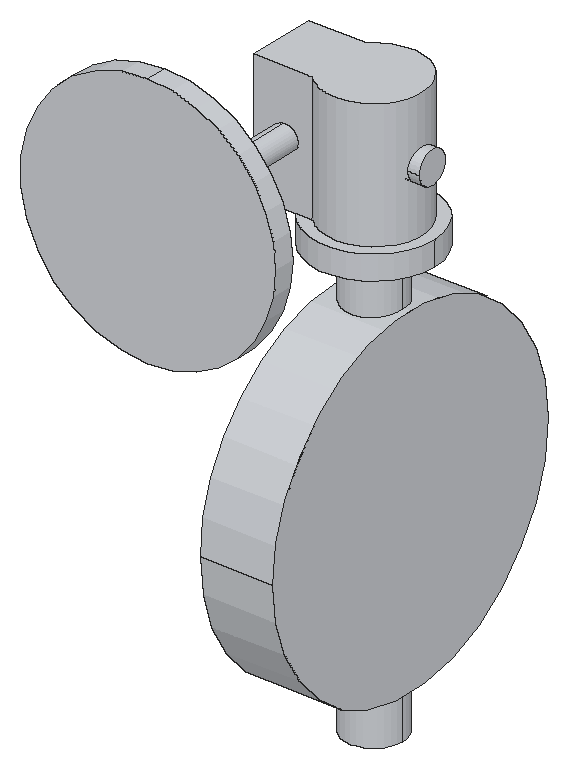
Revit family "HS497-68_disk-nerez_převodové kolo DN450-RFA_2018", category Pipe Accessories, Revit 2018
Family settings
  Round Connector Dimension = Use Diameter
  Part Type = Valve - Breaks Into
  Work Plane-Based = No
  Always vertical = Yes
  Cut with Voids When Loaded = No
  Shared = No
Parameters (values of type "HS 497-68_DN450_PN10_převodové kolo")
  magiProductId = "cdf2d80f54a9414f9cbe50647c0ebd"
  magiProductFamilyId = "53cea81e6f374d17b8841d9c72ad77"
  magiPartTypeId = 305
  isMeasuringValve [instance] = no
  ang2D [instance] = 0.00°
  X11 = 129.74 mm
  X1 = 53.74 mm
  W2D = 1000 mm
  VersionID = "2.0/2017.9.26.1/ZETKAMA_497_001"
  Use Minimum Symbol Size [instance] = yes
  URL = "http://www.hydronic.cz"
  Type Comments = "mezipřírubová; nerezový disk; PN10; -10~+110°C (krátkodobě +120°C)"
  SW30 = yes
  SW3 = yes
  SW21 = no
  SW20 = no
  SW2 = no
  SW1 = no
  R = 225 mm
  QmdConnectorList = "301;D;302;D"
  Productdata [instance] = ""
  NC = 91.5 mm
  Manufacturer = "Zetkama"
  MM20 = 53.74 mm
  MC Product Code = "126 450 (nerezový disk, s převodovým kolem; DN450; PN10, kvs18514)"
  M41 = 144.75 mm
  M4 = 96.5 mm
  LHL = 220 mm
  LHH3 = 2.45 mm
  LHH1 = 46.55 mm
  LH1 = 73.333 mm
  L4R__ve = -L4R  # -32.1 mm
  L4R = 32.1 mm
  L42__ve = -L42  # -240.75 mm
  L42 = 240.75 mm
  L41__ve = -L41  # -48.15 mm
  L41 = 48.15 mm
  L2D_Min = 3048 mm
  L2D = 216 mm
  L2 = 57 mm
  L1 = 91.2 mm
  L = 114 mm
  H = 38 mm
  G22 = 11.25 mm
  G2 = 22.5 mm
  G1 = 90 mm
  G = 190 mm
  F = 36 mm
  E44 = 100 mm
  E42 = 200 mm
  E4 = 400 mm
  E23 = 4.9 mm
  E22 = 19.6 mm
  E21 = 9.8 mm
  Description = "Mezipřírubová uzavírací klapka s převodovým kolem; nerezový disk, DN450; PN10; kvs18514"
  DR2 = 225 mm
  DR = 536 mm
  DD1 = 50 mm
  DD = 40 mm
  D = 450 mm
  CAT0 = yes
  B2__ve = -B2  # -115 mm
  B2 = 115 mm
  A2 = 38.05 mm
  A1 = 117.45 mm
Types (43, lengths in mm): name | magiProductId | X11 | X1 | Type Comments | SW30 | SW3 | SW20 | SW2 | SW1 | R | NC | Manufacturer | MM20 | MC Product Code | M41 | M4 | LHL | LHH3 | LHH1 | LH1 | L4R__ve | L4R | L42__ve | L42 | L41__ve | L41 | L2 | L1 | L | H | G | F | E44 | E42 | E4 | E23 | E22 | E21 | Description | DR2 | DR | DD1 | DD | D | B2__ve | B2 | A2 | A1
  HS 497-68_DN100_PN16_volné vřeteno | "65d1b245f4f142c78569c0602d5754" | 61.456 | 25.456 | "mezipřírubová; nerezový disk; PN16; -10~+110°C (krátkodobě +120°C)" | no | no | no | no | yes | 50 | 50 | "Hydronic Systems Prague s.r.o." | 25.456 | "124 100 (nerezový disk, s volným vřetenem; DN100; PN16, kvs512)" | 66 | 44 | 220 | 2.45 | 46.55 | 73.333 | -12.8 | 12.8 | -96 | 96 | -19.2 | 19.2 | 26 | 41.6 | 52 | 30 | 90 | 11 | 31.25 | 62.5 | 125 | 4.9 | 19.6 | 9.8 | "Mezipřírubová uzavírací klapka s volným vřetenem; nerezový disk, DN100; PN16; kvs512" | 50 | 147 | 15.625 | 12.5 | 100 | -56 | 56 | 16.5 | 98.5
  HS 497-68_DN100_PN16_převodové kolo | "11e91b807e674d428c8e796fcdcfe2" | 61.456 | 25.456 | "mezipřírubová; nerezový disk; PN16; -10~+110°C (krátkodobě +120°C)" | yes | yes | no | no | no | 50 | 50 | "Hydronic Systems Prague s.r.o." | 25.456 | "126 100 (nerezový disk, s převodovým kolem; DN100; PN16, kvs512)" | 65.25 | 43.5 | 220 | 2.45 | 46.55 | 73.333 | -12.8 | 12.8 | -96 | 96 | -19.2 | 19.2 | 26 | 41.6 | 52 | 30 | 90 | 11 | 31.25 | 62.5 | 125 | 4.9 | 19.6 | 9.8 | "Mezipřírubová uzavírací klapka s převodovým kolem; nerezový disk, DN100; PN16; kvs512" | 50 | 147 | 15.625 | 12.5 | 100 | -56 | 56 | 16.5 | 98.5
  HS 497-68_DN100_PN16_s pákou | "28172f0b3f4b47b28323ac71cf8749" | 61.456 | 25.456 | "mezipřírubová; nerezový disk; PN16; -10~+110°C (krátkodobě +120°C)" | no | no | yes | yes | no | 50 | 50 | "Hydronic Systems Prague s.r.o." | 25.456 | "121 100 (nerezový disk, s pákou; DN100; PN16, kvs512)" | 66 | 44 | 260 | 3 | 57 | 86.667 | -12.8 | 12.8 | -96 | 96 | -19.2 | 19.2 | 26 | 41.6 | 52 | 30 | 90 | 11 | 31.25 | 62.5 | 125 | 6 | 24 | 12 | "Mezipřírubová uzavírací klapka s pákou; nerezový disk, DN100; PN16; kvs512" | 50 | 147 | 15.625 | 12.5 | 100 | -56 | 56 | 16.5 | 98.5
  HS 497-68_DN125_PN16_volné vřeteno | "0d813d910fc14f628bb3c2efbd185c" | 61.456 | 25.456 | "mezipřírubová; nerezový disk; PN16; -10~+110°C (krátkodobě +120°C)" | no | no | no | no | yes | 62.5 | 50 | "Hydronic Systems Prague s.r.o." | 25.456 | "124 125 (nerezový disk, s volným vřetenem; DN125; PN16, kvs872)" | 66 | 44 | 220 | 2.45 | 46.55 | 73.333 | -12.8 | 12.8 | -96 | 96 | -19.2 | 19.2 | 28 | 44.8 | 56 | 33 | 90 | 14 | 31.25 | 62.5 | 125 | 4.9 | 19.6 | 9.8 | "Mezipřírubová uzavírací klapka s volným vřetenem; nerezový disk, DN125; PN16; kvs872" | 62.5 | 180 | 15.625 | 12.5 | 125 | -64 | 64 | 18 | 99.5
  HS 497-68_DN125_PN16_převodové kolo | "c56b7c13f372467684996fb1e0e229" | 61.456 | 25.456 | "mezipřírubová; nerezový disk; PN16; -10~+110°C (krátkodobě +120°C)" | yes | yes | no | no | no | 62.5 | 50 | "Hydronic Systems Prague s.r.o." | 25.456 | "126125 (nerezový disk, s převodovým kolem; DN125; PN16, kvs872)" | 65.25 | 43.5 | 220 | 2.45 | 46.55 | 73.333 | -13.5 | 13.5 | -101.25 | 101.25 | -20.25 | 20.25 | 28 | 44.8 | 56 | 33 | 90 | 14 | 40 | 80 | 160 | 4.9 | 19.6 | 9.8 | "Mezipřírubová uzavírací klapka s převodovým kolem; nerezový disk, DN125; PN16; kvs872" | 62.5 | 180 | 20 | 16 | 125 | -64 | 64 | 18 | 99.5
  HS 497-68_DN125_PN16_s pákou | "105993c79a91492399feef7931321a" | 61.456 | 25.456 | "mezipřírubová; nerezový disk; PN16; -10~+110°C (krátkodobě +120°C)" | no | no | yes | yes | no | 62.5 | 50 | "Hydronic Systems Prague s.r.o." | 25.456 | "121 125 (nerezový disk, s pákou; DN125; PN16, kvs872)" | 66 | 44 | 315 | 3.75 | 71.25 | 105 | -12.8 | 12.8 | -96 | 96 | -19.2 | 19.2 | 28 | 44.8 | 56 | 33 | 90 | 14 | 31.25 | 62.5 | 125 | 7.5 | 30 | 15 | "Mezipřírubová uzavírací klapka s pákou; nerezový disk, DN125; PN16; kvs872" | 62.5 | 180 | 15.625 | 12.5 | 125 | -64 | 64 | 18 | 99.5
  HS 497-68_DN150_PN16_volné vřeteno | "50c80cb8ab434f55ab7796e5ac1331" | 61.456 | 25.456 | "mezipřírubová; nerezový disk; PN16; -10~+110°C (krátkodobě +120°C)" | no | no | no | no | yes | 75 | 50 | "Hydronic Systems Prague s.r.o." | 25.456 | "124 150 (nerezový disk, s volným vřetenem; DN150; PN16, kvs1347)" | 66 | 44 | 220 | 2.45 | 46.55 | 73.333 | -12.8 | 12.8 | -96 | 96 | -19.2 | 19.2 | 28 | 44.8 | 56 | 33 | 90 | 14 | 31.25 | 62.5 | 125 | 4.9 | 19.6 | 9.8 | "Mezipřírubová uzavírací klapka s volným vřetenem; nerezový disk, DN150; PN16; kvs1347" | 75 | 206 | 15.625 | 12.5 | 150 | -58 | 58 | 19.3 | 98.7
  HS 497-68_DN150_PN16_převodové kolo | "d94a1a0cf83b476eb10011b327f709" | 61.456 | 25.456 | "mezipřírubová; nerezový disk; PN16; -10~+110°C (krátkodobě +120°C)" | yes | yes | no | no | no | 75 | 50 | "Hydronic Systems Prague s.r.o." | 25.456 | "126 150 (nerezový disk, s převodovým kolem; DN150; PN16, kvs1347)" | 65.25 | 43.5 | 220 | 2.45 | 46.55 | 73.333 | -13.5 | 13.5 | -101.25 | 101.25 | -20.25 | 20.25 | 28 | 44.8 | 56 | 33 | 90 | 14 | 40 | 80 | 160 | 4.9 | 19.6 | 9.8 | "Mezipřírubová uzavírací klapka s převodovým kolem; nerezový disk, DN150; PN16; kvs1347" | 75 | 206 | 20 | 16 | 150 | -58 | 58 | 19.3 | 98.7
  HS 497-68_DN150_PN16_s pákou | "4d2835523fe84828bc50ff0a5a0dfb" | 61.456 | 25.456 | "mezipřírubová; nerezový disk; PN16; -10~+110°C (krátkodobě +120°C)" | no | no | yes | yes | no | 75 | 50 | "Hydronic Systems Prague s.r.o." | 25.456 | "121 150 (nerezový disk, s pákou; DN150; PN16, kvs1347)" | 66 | 44 | 315 | 3.75 | 71.25 | 105 | -12.8 | 12.8 | -96 | 96 | -19.2 | 19.2 | 28 | 44.8 | 56 | 33 | 90 | 14 | 31.25 | 62.5 | 125 | 7.5 | 30 | 15 | "Mezipřírubová uzavírací klapka s pákou; nerezový disk, DN150; PN16; kvs1347" | 75 | 206 | 15.625 | 12.5 | 150 | -58 | 58 | 19.3 | 98.7
  HS 497-68_DN200_PN16_volné vřeteno | "5b29029eaeba47139ee1055a4b9201" | 61.456 | 25.456 | "mezipřírubová; nerezový disk; PN16; -10~+110°C (krátkodobě +120°C)" | no | no | no | no | yes | 100 | 50 | "Hydronic Systems Prague s.r.o." | 25.456 | "124 200 (nerezový disk, s volným vřetenem; DN200; PN16, kvs2675)" | 66 | 44 | 220 | 2.45 | 46.55 | 73.333 | -12.8 | 12.8 | -96 | 96 | -19.2 | 19.2 | 30 | 48 | 60 | 33 | 90 | 17 | 31.25 | 62.5 | 125 | 4.9 | 19.6 | 9.8 | "Mezipřírubová uzavírací klapka s volným vřetenem; nerezový disk, DN200; PN16; kvs2675" | 100 | 257 | 15.625 | 12.5 | 200 | -70 | 70 | 22.5 | 102.5
  HS 497-68_DN200_PN16_převodové kolo | "b2793cc1fcc44cf2a35062cd67c04f" | 61.456 | 25.456 | "mezipřírubová; nerezový disk; PN16; -10~+110°C (krátkodobě +120°C)" | yes | yes | no | no | no | 100 | 57 | "Hydronic Systems Prague s.r.o." | 25.456 | "126 200 (nerezový disk, s převodovým kolem; DN200; PN16, kvs2675)" | 78.75 | 52.5 | 220 | 2.45 | 46.55 | 73.333 | -15.2 | 15.2 | -114 | 114 | -22.8 | 22.8 | 30 | 48 | 60 | 33 | 90 | 17 | 50 | 100 | 200 | 4.9 | 19.6 | 9.8 | "Mezipřírubová uzavírací klapka s převodovým kolem; nerezový disk, DN200; PN16; kvs2675" | 100 | 257 | 25 | 20 | 200 | -70 | 70 | 22.5 | 102.5
  HS 497-68_DN200_PN16_s pákou | "f88d96c7af224537a51e72d7d8fffe" | 61.456 | 25.456 | "mezipřírubová; nerezový disk; PN16; -10~+110°C (krátkodobě +120°C)" | no | no | yes | yes | no | 100 | 50 | "Hydronic Systems Prague s.r.o." | 25.456 | "121 200 (nerezový disk, s pákou; DN200; PN16, kvs2675)" | 66 | 44 | 315 | 3.75 | 71.25 | 105 | -12.8 | 12.8 | -96 | 96 | -19.2 | 19.2 | 30 | 48 | 60 | 33 | 90 | 17 | 31.25 | 62.5 | 125 | 7.5 | 30 | 15 | "Mezipřírubová uzavírací klapka s pákou; nerezový disk, DN200; PN16; kvs2675" | 100 | 257 | 15.625 | 12.5 | 200 | -70 | 70 | 22.5 | 102.5
  HS 497-68_DN250_PN16_volné vřeteno | "b662e8305ca2402b9c510e66e6aa55" | 88.77 | 36.77 | "mezipřírubová; nerezový disk; PN16; -10~+110°C (krátkodobě +120°C)" | no | no | no | no | yes | 125 | 50 | "Hydronic Systems Prague s.r.o." | 36.77 | "124 250 (nerezový disk, s volným vřetenem; DN250; PN16, kvs4555)" | 66 | 44 | 220 | 2.45 | 46.55 | 73.333 | -12.8 | 12.8 | -96 | 96 | -19.2 | 19.2 | 34 | 54.4 | 68 | 23 | 130 | 22 | 31.25 | 62.5 | 125 | 4.9 | 19.6 | 9.8 | "Mezipřírubová uzavírací klapka s volným vřetenem; nerezový disk, DN250; PN16; kvs4555" | 125 | 324 | 15.625 | 12.5 | 250 | -85 | 85 | 28.25 | 129.25
  HS 497-68_DN250_PN16_převodové kolo | "5ee9016806664ddfaa2632711f295c" | 88.77 | 36.77 | "mezipřírubová; nerezový disk; PN16; -10~+110°C (krátkodobě +120°C)" | yes | yes | no | no | no | 125 | 70 | "Hydronic Systems Prague s.r.o." | 36.77 | "126 250 (nerezový disk, s převodovým kolem; DN250; PN16, kvs4555)" | 91.5 | 61 | 220 | 2.45 | 46.55 | 73.333 | -22.2 | 22.2 | -166.5 | 166.5 | -33.3 | 33.3 | 34 | 54.4 | 68 | 23 | 130 | 22 | 62.5 | 125 | 250 | 4.9 | 19.6 | 9.8 | "Mezipřírubová uzavírací klapka s převodovým kolem; nerezový disk, DN250; PN16; kvs4555" | 125 | 324 | 31.25 | 25 | 250 | -85 | 85 | 28.25 | 129.25
  HS 497-68_DN300_PN16_volné vřeteno | "e1886f51ff004380a649519258edf2" | 88.77 | 36.77 | "mezipřírubová; nerezový disk; PN16; -10~+110°C (krátkodobě +120°C)" | no | no | no | no | yes | 150 | 50 | "Hydronic Systems Prague s.r.o." | 36.77 | "124 300 (nerezový disk, s volným vřetenem; DN300; PN16, kvs7037)" | 66 | 44 | 220 | 2.45 | 46.55 | 73.333 | -12.8 | 12.8 | -96 | 96 | -19.2 | 19.2 | 39 | 62.4 | 78 | 23 | 130 | 22 | 31.25 | 62.5 | 125 | 4.9 | 19.6 | 9.8 | "Mezipřírubová uzavírací klapka s volným vřetenem; nerezový disk, DN300; PN16; kvs7037" | 150 | 376 | 15.625 | 12.5 | 300 | -90 | 90 | 30.8 | 127.2
  HS 497-68_DN300_PN16_převodové kolo | "6860f094f77d42088fbebc3c97f755" | 88.77 | 36.77 | "mezipřírubová; nerezový disk; PN16; -10~+110°C (krátkodobě +120°C)" | yes | yes | no | no | no | 150 | 70 | "Hydronic Systems Prague s.r.o." | 36.77 | "126 300 (nerezový disk, s převodovým kolem; DN300; PN16, kvs7037)" | 91.5 | 61 | 220 | 2.45 | 46.55 | 73.333 | -22.2 | 22.2 | -166.5 | 166.5 | -33.3 | 33.3 | 39 | 62.4 | 78 | 23 | 130 | 22 | 62.5 | 125 | 250 | 4.9 | 19.6 | 9.8 | "Mezipřírubová uzavírací klapka s převodovým kolem; nerezový disk, DN300; PN16; kvs7037" | 150 | 376 | 31.25 | 25 | 300 | -90 | 90 | 30.8 | 127.2
  HS 497-68_DN032_PN16_volné vřeteno | "8c5f65de52aa4067a77564107e31b2" | 61.456 | 25.456 | "mezipřírubová; nerezový disk; PN16; -10~+110°C (krátkodobě +120°C)" | no | no | no | no | yes | 16 | 50 | "Hydronic Systems Prague s.r.o." | 25.456 | "124 032 (nerezový disk, s volným vřetenem; DN32; PN16, kvs78)" | 66 | 44 | 220 | 2.45 | 46.55 | 73.333 | -12.8 | 12.8 | -96 | 96 | -19.2 | 19.2 | 16.5 | 26.4 | 33 | 30 | 90 | 11 | 31.25 | 62.5 | 125 | 4.9 | 19.6 | 9.8 | "Mezipřírubová uzavírací klapka s volným vřetenem; nerezový disk, DN32; PN16; kvs78" | 16 | 68 | 15.625 | 12.5 | 32 | -44.2 | 44.2 | 10.25 | 76.25
  HS 497-68_DN032_PN16_převodové kolo | "60aaeffa8b3a4e809ef000e4660060" | 61.456 | 25.456 | "mezipřírubová; nerezový disk; PN16; -10~+110°C (krátkodobě +120°C)" | yes | yes | no | no | no | 16 | 50 | "Hydronic Systems Prague s.r.o." | 25.456 | "126 032 (nerezový disk, s převodovým kolem; DN32; PN16, kvs78)" | 65.25 | 43.5 | 220 | 2.45 | 46.55 | 73.333 | -12.8 | 12.8 | -96 | 96 | -19.2 | 19.2 | 16.5 | 26.4 | 33 | 30 | 90 | 11 | 31.25 | 62.5 | 125 | 4.9 | 19.6 | 9.8 | "Mezipřírubová uzavírací klapka s převodovým kolem; nerezový disk, DN32; PN16; kvs78" | 16 | 68 | 15.625 | 12.5 | 32 | -44.2 | 44.2 | 10.25 | 76.25
  HS 497-68_DN032_PN16_s pákou | "9ad8088d610749a1b871aa2aad8007" | 61.456 | 25.456 | "mezipřírubová; nerezový disk; PN16; -10~+110°C (krátkodobě +120°C)" | no | no | yes | yes | no | 16 | 50 | "Hydronic Systems Prague s.r.o." | 25.456 | "121 032 (nerezový disk, s pákou; DN32; PN16, kvs78)" | 66 | 44 | 220 | 2.45 | 46.55 | 73.333 | -12.8 | 12.8 | -96 | 96 | -19.2 | 19.2 | 16.5 | 26.4 | 33 | 30 | 90 | 11 | 31.25 | 62.5 | 125 | 4.9 | 19.6 | 9.8 | "Mezipřírubová uzavírací klapka s pákou; nerezový disk, DN32; PN16; kvs78" | 16 | 68 | 15.625 | 12.5 | 32 | -44.2 | 44.2 | 10.25 | 76.25
  HS 497-68_DN350_PN10_volné vřeteno | "72a1e05f22944421b7e9596a877137" | 109.255 | 45.255 | "mezipřírubová; nerezový disk; PN10; -10~+110°C (krátkodobě +120°C)" | no | no | no | no | yes | 175 | 50 | "Hydronic Systems Prague s.r.o." | 45.255 | "124 350 (nerezový disk, s volným vřetenem; DN350; PN10, kvs10165)" | 66 | 44 | 220 | 2.45 | 46.55 | 73.333 | -12.8 | 12.8 | -96 | 96 | -19.2 | 19.2 | 39 | 62.4 | 78 | 31 | 160 | 22 | 31.25 | 62.5 | 125 | 4.9 | 19.6 | 9.8 | "Mezipřírubová uzavírací klapka s volným vřetenem; nerezový disk, DN350; PN10; kvs10165" | 175 | 430 | 15.625 | 12.5 | 350 | -88 | 88 | 33.85 | 129.65
  HS 497-68_DN350_PN10_převodové kolo | "a5a01426cb28494ba3afca92f1dace" | 109.255 | 45.255 | "mezipřírubová; nerezový disk; PN10; -10~+110°C (krátkodobě +120°C)" | yes | yes | no | no | no | 175 | 70 | "Hydronic Systems Prague s.r.o." | 45.255 | "126 350 (nerezový disk, s převodovým kolem; DN350; PN10, kvs10165)" | 91.5 | 61 | 220 | 2.45 | 46.55 | 73.333 | -22.2 | 22.2 | -166.5 | 166.5 | -33.3 | 33.3 | 39 | 62.4 | 78 | 31 | 160 | 22 | 62.5 | 125 | 250 | 4.9 | 19.6 | 9.8 | "Mezipřírubová uzavírací klapka s převodovým kolem; nerezový disk, DN350; PN10; kvs10165" | 175 | 430 | 31.25 | 25 | 350 | -88 | 88 | 33.85 | 129.65
  HS 497-68_DN400_PN10_volné vřeteno | "c70ebeb927c04ab99b176e257ad0a7" | 109.255 | 45.255 | "mezipřírubová; nerezový disk; PN10; -10~+110°C (krátkodobě +120°C)" | no | no | no | no | yes | 200 | 50 | "Hydronic Systems Prague s.r.o." | 45.255 | "124 400 (nerezový disk, s volným vřetenem; DN400; PN10, kvs13799)" | 66 | 44 | 220 | 2.45 | 46.55 | 73.333 | -12.8 | 12.8 | -96 | 96 | -19.2 | 19.2 | 51 | 81.6 | 102 | 31 | 160 | 27 | 31.25 | 62.5 | 125 | 4.9 | 19.6 | 9.8 | "Mezipřírubová uzavírací klapka s volným vřetenem; nerezový disk, DN400; PN10; kvs13799" | 200 | 485 | 15.625 | 12.5 | 400 | -108 | 108 | 38 | 142
  HS 497-68_DN400_PN10_převodové kolo | "cc64a4384dcb41b780d81810f4f293" | 109.255 | 45.255 | "mezipřírubová; nerezový disk; PN10; -10~+110°C (krátkodobě +120°C)" | yes | yes | no | no | no | 200 | 72.5 | "Hydronic Systems Prague s.r.o." | 45.255 | "126 400 (nerezový disk, s převodovým kolem; DN400; PN10, kvs13799)" | 103.5 | 69 | 220 | 2.45 | 46.55 | 73.333 | -27.8 | 27.8 | -208.5 | 208.5 | -41.7 | 41.7 | 51 | 81.6 | 102 | 31 | 160 | 27 | 75 | 150 | 300 | 4.9 | 19.6 | 9.8 | "Mezipřírubová uzavírací klapka s převodovým kolem; nerezový disk, DN400; PN10; kvs13799" | 200 | 485 | 37.5 | 30 | 400 | -108 | 108 | 38 | 142
  HS 497-68_DN040_PN16_volné vřeteno | "35f92312390745e88df5b5c325d9ee" | 61.456 | 25.456 | "mezipřírubová; nerezový disk; PN16; -10~+110°C (krátkodobě +120°C)" | no | no | no | no | yes | 20 | 50 | "Hydronic Systems Prague s.r.o." | 25.456 | "124 040 (nerezový disk, s volným vřetenem; DN40; PN16, kvs78)" | 66 | 44 | 220 | 2.45 | 46.55 | 73.333 | -12.8 | 12.8 | -96 | 96 | -19.2 | 19.2 | 16.5 | 26.4 | 33 | 30 | 90 | 11 | 31.25 | 62.5 | 125 | 4.9 | 19.6 | 9.8 | "Mezipřírubová uzavírací klapka s volným vřetenem; nerezový disk, DN40; PN16; kvs78" | 20 | 76 | 15.625 | 12.5 | 40 | -36 | 36 | 11 | 79
  HS 497-68_DN040_PN16_převodové kolo | "d88e968eae3445bc9b7b4e6ff35127" | 61.456 | 25.456 | "mezipřírubová; nerezový disk; PN16; -10~+110°C (krátkodobě +120°C)" | yes | yes | no | no | no | 20 | 50 | "Hydronic Systems Prague s.r.o." | 25.456 | "126 040 (nerezový disk, s převodovým kolem; DN40; PN16, kvs78)" | 65.25 | 43.5 | 220 | 2.45 | 46.55 | 73.333 | -12.8 | 12.8 | -96 | 96 | -19.2 | 19.2 | 16.5 | 26.4 | 33 | 30 | 90 | 11 | 31.25 | 62.5 | 125 | 4.9 | 19.6 | 9.8 | "Mezipřírubová uzavírací klapka s převodovým kolem; nerezový disk, DN40; PN16; kvs78" | 20 | 76 | 15.625 | 12.5 | 40 | -36 | 36 | 11 | 79
  HS 497-68_DN040_PN16_s pákou | "c1b522ca65b4407a98818f232eaacb" | 61.456 | 25.456 | "mezipřírubová; nerezový disk; PN16; -10~+110°C (krátkodobě +120°C)" | no | no | yes | yes | no | 20 | 50 | "Hydronic Systems Prague s.r.o." | 25.456 | "121 040 (nerezový disk, s pákou; DN40; PN16, kvs78)" | 66 | 44 | 220 | 2.45 | 46.55 | 73.333 | -12.8 | 12.8 | -96 | 96 | -19.2 | 19.2 | 16.5 | 26.4 | 33 | 30 | 90 | 11 | 31.25 | 62.5 | 125 | 4.9 | 19.6 | 9.8 | "Mezipřírubová uzavírací klapka s pákou; nerezový disk, DN40; PN16; kvs78" | 20 | 76 | 15.625 | 12.5 | 40 | -36 | 36 | 11 | 79
  HS 497-68_DN450_PN10_volné vřeteno | "a8358bc282f14872b3194e530e590a" | 129.74 | 53.74 | "mezipřírubová; nerezový disk; PN10; -10~+110°C (krátkodobě +120°C)" | no | no | no | no | yes | 225 | 50 | "Hydronic Systems Prague s.r.o." | 53.74 | "124 450 (nerezový disk, s volným vřetenem; DN450; PN10, kvs18514)" | 66 | 44 | 220 | 2.45 | 46.55 | 73.333 | -12.8 | 12.8 | -96 | 96 | -19.2 | 19.2 | 57 | 91.2 | 114 | 38 | 190 | 36 | 31.25 | 62.5 | 125 | 4.9 | 19.6 | 9.8 | "Mezipřírubová uzavírací klapka s volným vřetenem; nerezový, DN450; PN10; kvs18514" | 225 | 536 | 15.625 | 12.5 | 450 | -115 | 115 | 38.05 | 117.45
  HS 497-68_DN450_PN10_převodové kolo | "cdf2d80f54a9414f9cbe50647c0ebd" | 129.74 | 53.74 | "mezipřírubová; nerezový disk; PN10; -10~+110°C (krátkodobě +120°C)" | yes | yes | no | no | no | 225 | 91.5 | "Zetkama" | 53.74 | "126 450 (nerezový disk, s převodovým kolem; DN450; PN10, kvs18514)" | 144.75 | 96.5 | 220 | 2.45 | 46.55 | 73.333 | -32.1 | 32.1 | -240.75 | 240.75 | -48.15 | 48.15 | 57 | 91.2 | 114 | 38 | 190 | 36 | 100 | 200 | 400 | 4.9 | 19.6 | 9.8 | "Mezipřírubová uzavírací klapka s převodovým kolem; nerezový disk, DN450; PN10; kvs18514" | 225 | 536 | 50 | 40 | 450 | -115 | 115 | 38.05 | 117.45
  HS 497-68_DN500_PN10_volné vřeteno | "8c396e27bb2743f98f3c762b6517cd" | 143.397 | 59.397 | "mezipřírubová; nerezový disk; PN10; -10~+110°C (krátkodobě +120°C)" | no | no | no | no | yes | 250 | 50 | "Hydronic Systems Prague s.r.o." | 59.397 | "124 500 (nerezový disk, s volným vřetenem; DN500; PN10, kvs23805)" | 66 | 44 | 220 | 2.45 | 46.55 | 73.333 | -12.8 | 12.8 | -96 | 96 | -19.2 | 19.2 | 63.5 | 101.6 | 127 | 38 | 210 | 36 | 31.25 | 62.5 | 125 | 4.9 | 19.6 | 9.8 | "Mezipřírubová uzavírací klapka s volným vřetenem; nerezový disk, DN500; PN10; kvs23805" | 250 | 593 | 15.625 | 12.5 | 500 | -130 | 130 | 43.25 | 139.25
  HS 497-68_DN500_PN10_převodové kolo | "7647804f32e94cef828a7034a91a46" | 143.397 | 59.397 | "mezipřírubová; nerezový disk; PN10; -10~+110°C (krátkodobě +120°C)" | yes | yes | no | no | no | 250 | 91.5 | "Zetkama" | 59.397 | "126 500 (nerezový disk, s převodovým kolem; DN500; PN10, kvs23805)" | 144.75 | 96.5 | 220 | 2.45 | 46.55 | 73.333 | -32.1 | 32.1 | -240.75 | 240.75 | -48.15 | 48.15 | 63.5 | 101.6 | 127 | 38 | 210 | 36 | 100 | 200 | 400 | 4.9 | 19.6 | 9.8 | "Mezipřírubová uzavírací klapka s převodovým kolem; nerezový disk, DN500; PN10; kvs23805" | 250 | 593 | 50 | 40 | 500 | -130 | 130 | 43.25 | 139.25
  HS 497-68_DN050_volné vřeteno | "d71f296ecd6d4adf8f6e5d9853b4e0" | 61.456 | 25.456 | "mezipřírubová; nerezový disk; PN16; -10~+110°C (krátkodobě +120°C)" | no | no | no | no | yes | 25 | 50 | "Hydronic Systems Prague s.r.o." | 25.456 | "124 050 (nerezový disk, s volným vřetenem; DN50; PN16, kvs98)" | 66 | 44 | 220 | 2.45 | 46.55 | 73.333 | -12.8 | 12.8 | -96 | 96 | -19.2 | 19.2 | 21.5 | 34.4 | 43 | 30 | 90 | 11 | 31.25 | 62.5 | 125 | 4.9 | 19.6 | 9.8 | "Mezipřírubová uzavírací klapka s volným vřetenem; nerezový disk, DN50; PN16; kvs98" | 25 | 100 | 15.625 | 12.5 | 50 | -36.5 | 36.5 | 12 | 83
  HS 497-68_DN050_PN16_převodové kolo | "2fb080deeaed49c58418b94c1da5a4" | 61.456 | 25.456 | "mezipřírubová; nerezový disk; PN16; -10~+110°C (krátkodobě +120°C)" | yes | yes | no | no | no | 25 | 50 | "Hydronic Systems Prague s.r.o." | 25.456 | "126 050 (nerezový disk, s převodovým kolem; DN50; PN16, kvs98)" | 65.25 | 43.5 | 220 | 2.45 | 46.55 | 73.333 | -12.8 | 12.8 | -96 | 96 | -19.2 | 19.2 | 21.5 | 34.4 | 43 | 30 | 90 | 11 | 31.25 | 62.5 | 125 | 4.9 | 19.6 | 9.8 | "Mezipřírubová uzavírací klapka s převodovým kolem; nerezový disk, DN50; PN16; kvs98" | 25 | 100 | 15.625 | 12.5 | 50 | -36.5 | 36.5 | 12 | 83
  HS 497-68_DN050_PN16_s pákou | "dabc632061f94877a994b9b4e68112" | 61.456 | 25.456 | "mezipřírubová; nerezový disk; PN16; -10~+110°C (krátkodobě +120°C)" | no | no | yes | yes | no | 25 | 50 | "Hydronic Systems Prague s.r.o." | 25.456 | "121 050 (nerezový disk, s pákou; DN50; PN16, kvs98)" | 66 | 44 | 220 | 2.45 | 46.55 | 73.333 | -12.8 | 12.8 | -96 | 96 | -19.2 | 19.2 | 21.5 | 34.4 | 43 | 30 | 90 | 11 | 31.25 | 62.5 | 125 | 4.9 | 19.6 | 9.8 | "Mezipřírubová uzavírací klapka s pákou; nerezový disk, DN50; PN16; kvs98" | 25 | 100 | 15.625 | 12.5 | 50 | -36.5 | 36.5 | 12 | 83
  HS 497-68_DN600_PN10_volné vřeteno | "99d5892c14664fce81a7c5903f7711" | 143.397 | 59.397 | "mezipřírubová; nerezový disk; PN10; -10~+110°C (krátkodobě +120°C)" | no | no | no | no | yes | 300 | 50 | "Hydronic Systems Prague s.r.o." | 59.397 | "124 600 (nerezový disk, s volným vřetenem; DN600; PN10, kvs36778)" | 66 | 44 | 220 | 2.45 | 46.55 | 73.333 | -12.8 | 12.8 | -96 | 96 | -19.2 | 19.2 | 77 | 123.2 | 154 | 80 | 210 | 60 | 31.25 | 62.5 | 125 | 4.9 | 19.6 | 9.8 | "Mezipřírubová uzavírací klapka s volným vřetenem; nerezový disk, DN600; PN10; kvs36788" | 300 | 690 | 15.625 | 12.5 | 600 | -140 | 140 | 49.4 | 144.6
  HS 497-68_DN600_PN10_převodové kolo | "b1e26faab48a4c499f6bb11e7e3002" | 143.397 | 59.397 | "mezipřírubová; lnerezový disk; PN10; -10~+110°C (krátkodobě +120°C)" | yes | yes | no | no | no | 300 | 140 | "Hydronic Systems Prague s.r.o." | 59.397 | "126 600 (nerezový disk, s převodovým kolem; DN600; PN10, kvs36778)" | 206.25 | 137.5 | 220 | 2.45 | 46.55 | 73.333 | -40.8 | 40.8 | -306 | 306 | -61.2 | 61.2 | 77 | 123.2 | 154 | 80 | 210 | 60 | 125 | 250 | 500 | 4.9 | 19.6 | 9.8 | "Mezipřírubová uzavírací klapka s převodovým kolem; nerezový disk, DN600; PN10; kvs36788" | 300 | 690 | 62.5 | 50 | 600 | -140 | 140 | 49.4 | 144.6
  HS 497-68_DN065_PN16_volné vřeteno | "5e5e208646e34ec29f889baab5d08e" | 61.456 | 25.456 | "mezipřírubová; lnerezový disk; PN16; -10~+110°C (krátkodobě +120°C)" | no | no | no | no | yes | 32.5 | 50 | "Hydronic Systems Prague s.r.o." | 25.456 | "124 065 (nerezový disk, s volným vřetenem; DN65; PN16, kvs167)" | 66 | 44 | 220 | 2.45 | 46.55 | 73.333 | -12.8 | 12.8 | -96 | 96 | -19.2 | 19.2 | 23 | 36.8 | 46 | 30 | 90 | 11 | 31.25 | 62.5 | 125 | 4.9 | 19.6 | 9.8 | "Mezipřírubová uzavírací klapka s volným vřetenem; nerezový disk, DN65; PN16; kv167" | 32.5 | 108 | 15.625 | 12.5 | 65 | -36.5 | 36.5 | 13.5 | 89
  HS 497-68_DN065_PN16_převodové kolo | "654d74c8d15540b0bfe523d988ccb3" | 61.456 | 25.456 | "mezipřírubová; nerezový disk; PN16; -10~+110°C (krátkodobě +120°C)" | yes | yes | no | no | no | 32.5 | 50 | "Hydronic Systems Prague s.r.o." | 25.456 | "126 065 (nerezový disk, s převodovým kolem; DN65; PN16, kvs167)" | 65.25 | 43.5 | 220 | 2.45 | 46.55 | 73.333 | -12.8 | 12.8 | -96 | 96 | -19.2 | 19.2 | 23 | 36.8 | 46 | 30 | 90 | 11 | 31.25 | 62.5 | 125 | 4.9 | 19.6 | 9.8 | "Mezipřírubová uzavírací klapka s převodovým kolem; nerezový disk, DN65; PN16; kvs167" | 32.5 | 108 | 15.625 | 12.5 | 65 | -36.5 | 36.5 | 13.5 | 89
  HS 497-68_DN065_PN16_s pákou | "ebeb4b59db0641caaf6d6635ab37b9" | 61.456 | 25.456 | "mezipřírubová; nerezový disk; PN16; -10~+110°C (krátkodobě +120°C)" | no | no | yes | yes | no | 32.5 | 50 | "Hydronic Systems Prague s.r.o." | 25.456 | "121 065 (nerezový disk, s pákou; DN65; PN16, kvs167)" | 66 | 44 | 220 | 2.45 | 46.55 | 73.333 | -12.8 | 12.8 | -96 | 96 | -19.2 | 19.2 | 23 | 36.8 | 46 | 30 | 90 | 11 | 31.25 | 62.5 | 125 | 4.9 | 19.6 | 9.8 | "Mezipřírubová uzavírací klapka s pákou; nerezový disk, DN65; PN16; kvs167" | 32.5 | 108 | 15.625 | 12.5 | 65 | -36.5 | 36.5 | 13.5 | 89
  HS 497-68_DN080_PN16_volné vřeteno | "9e85c75c18654e1185a9c48ed6b00e" | 61.456 | 25.456 | "mezipřírubová; nerezový disk; PN16; -10~+110°C (krátkodobě +120°C)" | no | no | no | no | yes | 40 | 50 | "Hydronic Systems Prague s.r.o." | 25.456 | "124 080 (nerezový disk, s volným vřetenem; DN80; PN16, kvs258)" | 66 | 44 | 220 | 2.45 | 46.55 | 73.333 | -12.8 | 12.8 | -96 | 96 | -19.2 | 19.2 | 23 | 36.8 | 46 | 30 | 90 | 11 | 31.25 | 62.5 | 125 | 4.9 | 19.6 | 9.8 | "Mezipřírubová uzavírací klapka s volným vřetenem; nerezový disk, DN80; PN16; kvs258" | 40 | 124 | 15.625 | 12.5 | 80 | -54 | 54 | 14.1 | 86.9
  HS 497-68_DN080_PN16_převodové kolo | "5b3c8238c3d041e68c75b199e7ea46" | 61.456 | 25.456 | "mezipřírubová; nerezový disk; PN16; -10~+110°C (krátkodobě +120°C)" | yes | yes | no | no | no | 40 | 50 | "Hydronic Systems Prague s.r.o." | 25.456 | "126 080 (nerezový disk, s převodovým kolem; DN80; PN16, kvs258)" | 65.25 | 43.5 | 220 | 2.45 | 46.55 | 73.333 | -12.8 | 12.8 | -96 | 96 | -19.2 | 19.2 | 23 | 36.8 | 46 | 30 | 90 | 11 | 31.25 | 62.5 | 125 | 4.9 | 19.6 | 9.8 | "Mezipřírubová uzavírací klapka s převodovým kolem; nerezový disk, DN80; PN16; kvs258" | 40 | 124 | 15.625 | 12.5 | 80 | -54 | 54 | 14.1 | 86.9
  HS 497-68_DN080_PN16_s pákou | "e414795fab0f4eccb99bc3572c5477" | 61.456 | 25.456 | "mezipřírubová; nerezový disk; PN16; -10~+110°C (krátkodobě +120°C)" | no | no | yes | yes | no | 40 | 50 | "Hydronic Systems Prague s.r.o." | 25.456 | "121 080 (nerezový disk, s pákou; DN80; PN16, kvs258)" | 66 | 44 | 260 | 3 | 57 | 86.667 | -12.8 | 12.8 | -96 | 96 | -19.2 | 19.2 | 23 | 36.8 | 46 | 30 | 90 | 11 | 31.25 | 62.5 | 125 | 6 | 24 | 12 | "Mezipřírubová uzavírací klapka s pákou; nerezový disk, DN80; PN16; kvs258" | 40 | 124 | 15.625 | 12.5 | 80 | -54 | 54 | 14.1 | 86.9
  HS 497-68_DN250_PN16_s pákou | "" | 88.77 | 36.77 | "mezipřírubová; nerezový disk; PN16; -10~+110°C (krátkodobě +120°C)" | no | no | yes | yes | no | 125 | 70 | "Hydronic Systems Prague s.r.o." | 36.77 | "121 250 (nerezový disk, s ákou; DN250; PN16, kvs4555)" | 91.5 | 61 | 220 | 2.45 | 46.55 | 73.333 | -22.2 | 22.2 | -166.5 | 166.5 | -33.3 | 33.3 | 34 | 54.4 | 68 | 23 | 130 | 22 | 62.5 | 125 | 250 | 4.9 | 19.6 | 9.8 | "Mezipřírubová uzavírací klapka s pákou; nerezový disk, DN250; PN16; kvs4555" | 125 | 324 | 31.25 | 25 | 250 | -85 | 85 | 28.25 | 129.25
  HS 497-68_DN300_PN16_s pákou | "" | 88.77 | 36.77 | "mezipřírubová; nerezový disk; PN16; -10~+110°C (krátkodobě +120°C)" | no | no | yes | yes | no | 150 | 70 | "Hydronic Systems Prague s.r.o." | 36.77 | "121 300 (nerezový disk, s pákou; DN300; PN16, kvs7037)" | 91.5 | 61 | 220 | 2.45 | 46.55 | 73.333 | -22.2 | 22.2 | -166.5 | 166.5 | -33.3 | 33.3 | 39 | 62.4 | 78 | 23 | 130 | 22 | 62.5 | 125 | 250 | 4.9 | 19.6 | 9.8 | "Mezipřírubová uzavírací klapka s pákou; nerezový disk, DN300; PN16; kvs7037" | 150 | 376 | 31.25 | 25 | 300 | -90 | 90 | 30.8 | 127.2
Reference planes
  plane 1 "Center (Front/Back)": y = 0
  plane 2 "XYPLANE": z = 0
  plane 3 "Center (Left/Right)": x = 0
  plane 4 "473": x = -53.74
  plane 5 "472": x = -144.75
  plane 6 "471": y = -53.74
  plane 7 "470": y = 53.74
  plane 8 "469": x = -96.5
  plane 9 "468": y = -288.9
  plane 10 "467": y = -240.75
  plane 11 "466": z = 480.5
  plane 12 "465": z = 427.05
  plane 13 "464": y = 145.417
  plane 14 "463": z = 417.25
  plane 15 "462": z = 400.1
  plane 16 "461": z = 409.9
  plane 17 "460": y = 72.083
  plane 18 "459": x = -11.25
  plane 19 "458": x = 11.25
  plane 20 "457": y = -6.25
  plane 21 "456": x = -17.5
  plane 22 "455": x = 17.5
  plane 23 "454": z = 414.8
  plane 24 "453": y = 62.083
  plane 25 "452": y = -11.25
  plane 26 "451": x = -22.5
  plane 27 "450": x = 22.5
  plane 28 "449": z = 395.2
  plane 29 "448": z = 390.3
  plane 30 "447": z = -225
  plane 31 "446": z = 380.5
  plane 32 "445": z = 342.45
  plane 33 "444": z = 225
  plane 34 "443": x = 57
  plane 35 "442": x = -57
  plane 36 "441": z = 0
  plane 37 "440": y = 0
  plane 38 "439": x = 0
  plane 39 "438": z = 429.5
  plane 40 "437": z = 414.8
  plane 41 "436": x = 13.7
  plane 42 "435": x = -13.7
  plane 43 "434": y = 220
Forms (mm)
  Extrusion 1, solid, visible <- "SW3"
    sketch origin (-750, 0, 380.5) x (1, 0, 0) y (0, 1, 0)
      loop
        line (605.25, 53.74) -> (605.25, -53.74) -> (696.26, -53.74)
        arc (696.26, -53.74) -> (826, 0) -> (696.26, 53.74) r 76
        line (696.26, 53.74) -> (605.25, 53.74)
    from 0 to 200 <- "E42"
  Extrusion 2, solid, visible <- "SW30"
    sketch origin (0, -750, 0) x (0, 1, 0) y (0, 0, 1)
      loop
        circle (750, 480.5) r 25
    from 0 to 91.5 <- "NC"
  Extrusion 3, solid, visible <- "SW30"
    sketch origin (750, -288.9, 0) x (-1, 0, 0) y (0, 0, 1)
      loop
        circle (846.5, 480.5) r 200
    from 0 to -32.1 <- "L4R__ve"
  Extrusion 4, solid, visible <- "SW3"
    sketch origin (750, -240.75, 0) x (-1, 0, 0) y (0, 0, 1)
      loop
        circle (846.5, 480.5) r 25
    from 0 to -48.15 <- "L41__ve"
  Extrusion 5, solid, visible <- "SW30"
    sketch origin (750, 0, 0) x (-1, 0, 0) y (0, 0, 1)
      loop
        circle (846.5, 480.5) r 20
    from 0 to -240.75 <- "L42__ve"
  Blend 6, solid, visible <- "SW21"
    base sketch origin (750, 72.083, 0) x (-1, 0, 0) y (0, 0, 1)
      loop
        line (761.25, 409.9) -> (738.75, 409.9) -> (738.75, 400.1) -> (761.25, 400.1) -> (761.25, 409.9)
    top sketch origin (750, 72.083, 0) x (-1, 0, 0) y (0, 0, 1)
      loop
        line (761.25, 427.05) -> (738.75, 427.05) -> (738.75, 417.25) -> (761.25, 417.25) -> (761.25, 427.05)
    from 0 to 73.333
  Blend 7, solid, visible <- "SW21"
    base sketch origin (750, 62.083, 0) x (-1, 0, 0) y (0, 0, 1)
      loop
        line (761.25, 414.8) -> (738.75, 414.8) -> (738.75, 395.2) -> (761.25, 395.2) -> (761.25, 414.8)
    top sketch origin (750, 62.083, 0) x (-1, 0, 0) y (0, 0, 1)
      loop
        line (761.25, 409.9) -> (738.75, 409.9) -> (738.75, 400.1) -> (761.25, 400.1) -> (761.25, 409.9)
    from 0 to 10
  Blend 8, solid, visible <- "SW21"
    base sketch origin (-750, 0, 395.2) x (1, 0, 0) y (0, 1, 0)
      loop
        line (772.5, 62.083) -> (727.5, 62.083) -> (727.5, -11.25)
        arc (727.5, -11.25) -> (750, -31.25) -> (772.5, -11.25) r 22.656
        line (772.5, -11.25) -> (772.5, 62.083)
    top sketch origin (-750, 0, 395.2) x (1, 0, 0) y (0, 1, 0)
      loop
        line (767.5, 62.083) -> (732.5, 62.083) -> (732.5, -6.25)
        arc (732.5, -6.25) -> (750, -26.25) -> (767.5, -6.25) r 17.656
        line (767.5, -6.25) -> (767.5, 62.083)
    from 0 to 19.6
  Extrusion 9, solid, visible <- "SW2"
    sketch origin (-750, 0, 390.3) x (1, 0, 0) y (0, 1, 0)
      loop
        circle (750, 0) r 11.25
    from 0 to 4.9 <- "E23"
  Extrusion 10, solid, visible <- "SW2"
    sketch origin (-750, 0, 380.5) x (1, 0, 0) y (0, 1, 0)
      loop
        circle (750, 0) r 45
    from 0 to 9.8 <- "E21"
  Extrusion 11, solid, visible <- "CAT0"
    sketch origin (-750, 0, -225) x (1, 0, 0) y (0, 1, 0)
      loop
        circle (750, 0) r 45.6
    from 0 to -115 <- "B2__ve"
  Extrusion 12, solid, visible <- "CAT0"
    sketch origin (-750, 0, 342.45) x (1, 0, 0) y (0, 1, 0)
      loop
        circle (750, 0) r 95
    from 0 to 38.05 <- "A2"
  Extrusion 13, solid, visible <- "CAT0"
    sketch origin (-750, 0, 225) x (1, 0, 0) y (0, 1, 0)
      loop
        circle (750, 0) r 45.6
    from 0 to 117.45 <- "A1"
  Extrusion 14, solid, visible <- "CAT0"
    sketch origin (-57, -750, 0) x (0, 1, 0) y (0, 0, 1)
      loop
        circle (750, 0) r 268
    from 0 to 114 <- "L"
  Extrusion 15, solid, visible <- "SW1"
    sketch origin (-750, 0, 380.5) x (1, 0, 0) y (0, 1, 0)
      loop
        line (768, 18) -> (732, 18) -> (732, -18) -> (768, -18) -> (768, 18)
    from 0 to 38 <- "H"
  Blend 16, solid, visible <- "SW2"
    base sketch origin (750, 145.417, 0) x (-1, 0, 0) y (0, 0, 1)
      loop
        arc (763.7, 424.5) -> (762.236, 428.036) -> (758.7, 429.5) r 5
        line (758.7, 429.5) -> (741.3, 429.5)
        arc (741.3, 429.5) -> (737.764, 428.036) -> (736.3, 424.5) r 5
        line (736.3, 424.5) -> (736.3, 419.8)
        arc (736.3, 419.8) -> (737.764, 416.264) -> (741.3, 414.8) r 5
        line (741.3, 414.8) -> (758.7, 414.8)
        arc (758.7, 414.8) -> (762.236, 416.264) -> (763.7, 419.8) r 5
        line (763.7, 419.8) -> (763.7, 424.5)
    top sketch origin (750, 145.417, 0) x (-1, 0, 0) y (0, 0, 1)
      loop
        arc (763.7, 424.5) -> (762.236, 428.036) -> (758.7, 429.5) r 5
        line (758.7, 429.5) -> (741.3, 429.5)
        arc (741.3, 429.5) -> (737.764, 428.036) -> (736.3, 424.5) r 5
        line (736.3, 424.5) -> (736.3, 419.8)
        arc (736.3, 419.8) -> (737.764, 416.264) -> (741.3, 414.8) r 5
        line (741.3, 414.8) -> (758.7, 414.8)
        arc (758.7, 414.8) -> (762.236, 416.264) -> (763.7, 419.8) r 5
        line (763.7, 419.8) -> (763.7, 424.5)
    from 0 to 74.583
  Blend 17, solid, visible <- "SW20"
    base sketch origin (750, 145.417, 0) x (-1, 0, 0) y (0, 0, 1)
      loop
        line (763.7, 429.5) -> (736.3, 429.5) -> (736.3, 414.8) -> (763.7, 414.8) -> (763.7, 429.5)
    top sketch origin (750, 145.417, 0) x (-1, 0, 0) y (0, 0, 1)
      loop
        line (761.25, 414.8) -> (738.75, 414.8) -> (738.75, 395.2) -> (761.25, 395.2) -> (761.25, 414.8)
    from 0 to -83.333
  Extrusion 18, solid, visible <- "SW20"
    sketch origin (-750, 0, 395.2) x (1, 0, 0) y (0, 1, 0)
      loop
        line (772.5, 62.083) -> (727.5, 62.083) -> (727.5, -11.25)
        arc (727.5, -11.25) -> (750, -31.25) -> (772.5, -11.25) r 22.656
        line (772.5, -11.25) -> (772.5, 62.083)
    from 0 to 19.6 <- "E22"
  Extrusion 19, solid, not visible
    sketch origin (-57, -750, 0) x (0, 1, 0) y (0, 0, 1)
      loop
        circle (750, 0) r 10
    from 0 to 10
  Extrusion 20, solid, not visible
    sketch origin (57, -750, 0) x (0, 1, 0) y (0, 0, 1)
      loop
        circle (750, 0) r 10
    from 0 to -10
Lines and regions (mm)
  reference lines, not visible
    curve 1: circle (2, 2, 0) r 1 normal (0, 0, 1)
  reference lines
    curve 2: line (-53.74, -53.74, 380.5) -> (-53.74, 53.74, 380.5)
    curve 3: line (-17.5, -6.25, 395.2) -> (17.5, -6.25, 395.2)
    curve 4: line (-22.5, -11.25, 395.2) -> (22.5, -11.25, 395.2)
    curve 5: circle (0, 0, 380.5) r 1 normal (0, 0, 1)
    curve 6: line (-22.5, -11.25, 395.2) -> (22.5, -11.25, 395.2)
Dimensions and locks
  plane 1 "Center (Front/Back)" to curve 1 = 2 mm
  "X1": plane 3 "Center (Left/Right)" to plane 4 "473"
  "M41": plane 3 "Center (Left/Right)" to plane 5 "472"
  "MM20": plane 1 "Center (Front/Back)" to plane 6 "471"
  "MM20": plane 1 "Center (Front/Back)" to plane 7 "470"
  "M4": plane 3 "Center (Left/Right)" to plane 8 "469"
  "L41": plane 10 "467" to plane 9 "468"
  "L42": plane 1 "Center (Front/Back)" to plane 10 "467"
  "E44": plane 31 "446" to plane 11 "466"
  "LHH1": plane 31 "446" to plane 12 "465"
  "LH1": plane 17 "460" to plane 13 "464"
  "E21": plane 12 "465" to plane 14 "463"
  "E21": plane 16 "461" to plane 15 "462"
  "E23": plane 23 "454" to plane 16 "461"
  locked: plane 24 "453" to plane 17 "460" at 10
  "G22": plane 3 "Center (Left/Right)" to plane 18 "459"
  "G22": plane 3 "Center (Left/Right)" to plane 19 "458"
  locked: plane 25 "452" to plane 20 "457" at 5
  locked: plane 26 "451" to plane 21 "456" at 5
  locked: plane 27 "450" to plane 22 "455" at 5
  "E22": plane 28 "449" to plane 23 "454"
  "LH1": plane 25 "452" to plane 24 "453"
  "G22": plane 1 "Center (Front/Back)" to plane 25 "452"
  "G2": plane 3 "Center (Left/Right)" to plane 26 "451"
  "G2": plane 3 "Center (Left/Right)" to plane 27 "450"
  "E23": plane 29 "448" to plane 28 "449"
  "E21": plane 31 "446" to plane 29 "448"
  "R": plane 2 "XYPLANE" to plane 30 "447"
  "A2": plane 32 "445" to plane 31 "446"
  "A1": plane 33 "444" to plane 32 "445"
  "DR2": plane 2 "XYPLANE" to plane 33 "444"
  "L2": plane 3 "Center (Left/Right)" to plane 34 "443"
  "L2": plane 3 "Center (Left/Right)" to plane 35 "442"
  locked: plane 2 "XYPLANE" to plane 36 "441"
  locked: plane 1 "Center (Front/Back)" to plane 37 "440"
  locked: plane 3 "Center (Left/Right)" to plane 38 "439"
  "LHH3": plane 12 "465" to plane 39 "438"
  "LHH3": plane 14 "463" to plane 40 "437"
  "LHH3": plane 19 "458" to plane 41 "436"
  "LHH3": plane 18 "459" to plane 42 "435"
  "LHL": plane 1 "Center (Front/Back)" to plane 43 "434"
  "X11": curve 2 to Extrusion 1 sketch curve
  Extrusion 1 sketch curve to Extrusion 1 sketch curve = 0 mm  (x8)
  Blend 6 sketch curve to Blend 6 sketch curve = 0 mm  (x16)
  Blend 7 sketch curve to Blend 7 sketch curve = 0 mm  (x16)
  Blend 8 sketch curve to Blend 8 sketch curve = 0 mm  (x16)
  equal spacing: Extrusion 15 sketch curve, curve 5, Extrusion 15 sketch curve  (x2)
  "F": Extrusion 15 sketch curve to Extrusion 15 sketch curve  (x2)
  Blend 16 sketch curve to Blend 16 sketch curve = 0 mm  (x32)
  Blend 17 sketch curve to Blend 17 sketch curve = 0 mm  (x16)
  Extrusion 18 sketch curve to Extrusion 18 sketch curve = 0 mm  (x8)
  "DD1": diameter of Extrusion 2 sketch curve
  "E4": diameter of Extrusion 3 sketch curve
  "DD1": diameter of Extrusion 4 sketch curve
  "DD": diameter of Extrusion 5 sketch curve
  "G2": diameter of Extrusion 9 sketch curve
  "G1": diameter of Extrusion 10 sketch curve
  "L1": diameter of Extrusion 11 sketch curve
  "G": diameter of Extrusion 12 sketch curve
  "L1": diameter of Extrusion 13 sketch curve
  "DR": diameter of Extrusion 14 sketch curve
  radius of Blend 16 sketch curve = 5 mm  (x8)
  aligned and locked: level to plane 2 "XYPLANE"
  aligned and locked: Extrusion 1 sketch curve to plane 5 "472"
  aligned and locked: plane 7 "470" to Extrusion 1 sketch curve
  aligned and locked: plane 6 "471" to Extrusion 1 sketch curve
  aligned and locked: plane 5 "472" to Extrusion 1 sketch curve
  aligned and locked: plane 4 "473" to Extrusion 1 sketch curve  (x2)
  aligned and locked: plane 4 "473" to curve 2
  aligned and locked: plane 6 "471" to curve 2
  aligned and locked: plane 7 "470" to curve 2
  aligned and locked: Extrusion 1 sketch curve to plane 7 "470"
  aligned and locked: plane 11 "466" to Extrusion 2 sketch curve
  aligned and locked: plane 37 "440" to Extrusion 2 sketch curve
  aligned and locked: plane 8 "469" to Extrusion 3 sketch curve
  aligned and locked: plane 11 "466" to Extrusion 3 sketch curve
  aligned and locked: plane 8 "469" to Extrusion 4 sketch curve
  aligned and locked: plane 11 "466" to Extrusion 4 sketch curve
  aligned and locked: plane 8 "469" to Extrusion 5 sketch curve
  aligned and locked: plane 11 "466" to Extrusion 5 sketch curve
  aligned and locked: plane 12 "465" to Blend 6 sketch curve  (x2)
  aligned and locked: plane 18 "459" to Blend 6 sketch curve  (x4)
  aligned and locked: plane 19 "458" to Blend 6 sketch curve  (x4)
  aligned and locked: plane 14 "463" to Blend 6 sketch curve  (x2)
  aligned and locked: plane 16 "461" to Blend 6 sketch curve  (x2)
  aligned and locked: plane 15 "462" to Blend 6 sketch curve  (x2)
  aligned and locked: plane 13 "464" to Blend 6
  aligned and locked: plane 16 "461" to Blend 7 sketch curve  (x2)
  aligned and locked: plane 18 "459" to Blend 7 sketch curve  (x4)
  aligned and locked: plane 19 "458" to Blend 7 sketch curve  (x4)
  aligned and locked: plane 15 "462" to Blend 7 sketch curve  (x2)
  aligned and locked: plane 23 "454" to Blend 7 sketch curve  (x2)
  aligned and locked: plane 28 "449" to Blend 7 sketch curve  (x2)
  aligned and locked: plane 17 "460" to Blend 7
  aligned and locked: plane 24 "453" to Blend 8 sketch curve  (x4)
  aligned and locked: plane 22 "455" to Blend 8 sketch curve  (x2)
  aligned and locked: plane 21 "456" to Blend 8 sketch curve
  aligned and locked: plane 20 "457" to Blend 8 sketch curve  (x2)
  aligned and locked: curve 3 to plane 20 "457"
  aligned and locked: plane 21 "456" to curve 3
  aligned and locked: plane 22 "455" to curve 3
  aligned and locked: plane 27 "450" to Blend 8 sketch curve  (x2)
  aligned and locked: plane 26 "451" to Blend 8 sketch curve
  aligned and locked: plane 25 "452" to Blend 8 sketch curve  (x2)
  aligned and locked: curve 4 to plane 25 "452"
  aligned and locked: plane 26 "451" to curve 4
  aligned and locked: plane 27 "450" to curve 4
  aligned and locked: plane 23 "454" to Blend 8
  aligned and locked: plane 37 "440" to Extrusion 9 sketch curve
  aligned and locked: plane 38 "439" to Extrusion 9 sketch curve
  aligned and locked: plane 37 "440" to Extrusion 10 sketch curve
  aligned and locked: plane 38 "439" to Extrusion 10 sketch curve
  aligned and locked: plane 37 "440" to Extrusion 11 sketch curve
  aligned and locked: plane 38 "439" to Extrusion 11 sketch curve
  aligned and locked: plane 37 "440" to Extrusion 12 sketch curve
  aligned and locked: plane 38 "439" to Extrusion 12 sketch curve
  aligned and locked: plane 37 "440" to Extrusion 13 sketch curve
  aligned and locked: plane 38 "439" to Extrusion 13 sketch curve
  aligned and locked: plane 36 "441" to Extrusion 14 sketch curve
  aligned and locked: Extrusion 14 sketch curve to plane 37 "440"
  aligned and locked: plane 37 "440" to curve 5
  aligned and locked: plane 38 "439" to curve 5
  aligned and locked: plane 39 "438" to Blend 16 sketch curve  (x2)
  aligned and locked: plane 41 "436" to Blend 16 sketch curve  (x2)
  aligned and locked: Blend 16 sketch curve to plane 40 "437"  (x2)
  aligned and locked: Blend 16 sketch curve to plane 42 "435"  (x2)
  aligned and locked: plane 43 "434" to Blend 16
  aligned and locked: plane 23 "454" to Blend 17 sketch curve  (x2)
  aligned and locked: plane 18 "459" to Blend 17 sketch curve  (x2)
  aligned and locked: plane 19 "458" to Blend 17 sketch curve  (x2)
  aligned and locked: plane 28 "449" to Blend 17 sketch curve  (x2)
  aligned and locked: plane 39 "438" to Blend 17 sketch curve  (x2)
  aligned and locked: plane 42 "435" to Blend 17 sketch curve  (x2)
  aligned and locked: plane 41 "436" to Blend 17 sketch curve  (x2)
  aligned and locked: plane 40 "437" to Blend 17 sketch curve  (x2)
  aligned and locked: Blend 17 to plane 24 "453"
  aligned and locked: plane 24 "453" to Extrusion 18 sketch curve  (x2)
  aligned and locked: plane 27 "450" to Extrusion 18 sketch curve  (x2)
  aligned and locked: plane 26 "451" to Extrusion 18 sketch curve
  aligned and locked: plane 25 "452" to Extrusion 18 sketch curve  (x2)
  aligned and locked: curve 6 to plane 25 "452"
  aligned and locked: plane 26 "451" to curve 6
  aligned and locked: plane 27 "450" to curve 6
  aligned and locked: plane 36 "441" to Extrusion 19 sketch curve
  aligned and locked: Extrusion 19 sketch curve to plane 37 "440"
  aligned and locked: plane 36 "441" to Extrusion 20 sketch curve
  aligned and locked: Extrusion 20 sketch curve to plane 37 "440"
Automatic sketch dimensions
  Blend 8 sketch curve to plane 20 "457" = 2.344 mm  (x2)
  Extrusion 18 sketch curve to plane 20 "457" = 2.344 mm
  plane 25 "452" to Extrusion 19 sketch curve = 1.25 mm
  plane 25 "452" to Extrusion 20 sketch curve = 1.25 mm
  plane 3 "Center (Left/Right)" to curve 1 = 2 mm
  Extrusion 15 sketch curve to plane 3 "Center (Left/Right)" = 18 mm
  Extrusion 15 sketch curve to plane 20 "457" = 11.75 mm
  radius of curve 5 = 1 mm
  radius of curve 1 = 1 mm
Connectors
  piping at (-57, 0, 0), diameter 450, driven by "D"
    settings: on Extrusion 19, index 1, connector inside diameter 609.6 mm, connector length 0 mm, flow factor 0, pipe flow 0.0 L/s, pressure drop 0.0 Pa, fitting loss kfactor 0, connector angle 0.00°, fixture units 0, engagement length 0 mm, angle of deflection 0.00°, flow configuration 0, flow direction 0, fitting loss method 0, system type 29, joint type 0, gender type 0, connector reference index 2, connector utility 0, adjustable connector no, is connector primary yes, connector description ""
  piping at (57, 0, 0), diameter 450, driven by "D"
    settings: on Extrusion 20, index 2, connector inside diameter 609.6 mm, connector length 0 mm, flow factor 0, pipe flow 0.0 L/s, pressure drop 0.0 Pa, fitting loss kfactor 0, connector angle 0.00°, fixture units 0, engagement length 0 mm, angle of deflection 0.00°, flow configuration 0, flow direction 0, fitting loss method 0, system type 29, joint type 0, gender type 0, connector reference index 1, connector utility 0, adjustable connector no, is connector primary no, connector description ""
